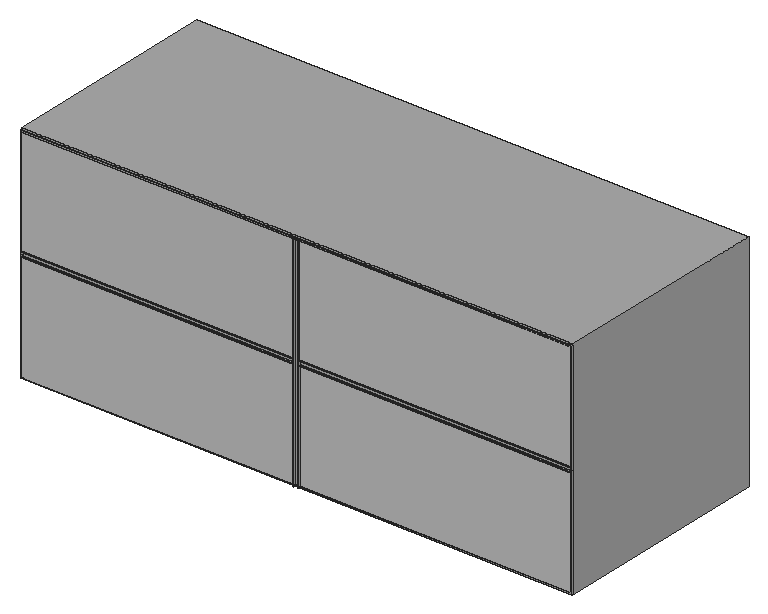
Revit family "vanity unit-hansgrohe-54198XXX-Xevolos E Vanity unit Slate Matt Grey 1370_550 with 4 drawers for consoles with 2 countertop basins ground", category Furniture, Revit 2019 (continued)
Types (6, lengths in mm): name | SURFACE | NB | Model | MIdent | LODLEVEL | LINA | IDNR | ARTNR | 54198770-SLATE_MATT_GREY-METALLIC_SLATE_GREY-400_RX0RY0RZ0TX0TY0TZ0_V | 54198770-SLATE_MATT_GREY-METALLIC_SLATE_GREY-200_RX0RY0RZ0TX0TY0TZ0_V | 54198730-SLATE_MATT_GREY-DARK_OAK-400_RX0RY0RZ0TX0TY0TZ0_V | 54198730-SLATE_MATT_GREY-DARK_OAK-200_RX0RY0RZ0TX0TY0TZ0_V | 54198390-SLATE_MATT_GREY-PATTEREND_BRONZE-400_RX0RY0RZ0TX0TY0TZ0_V | 54198390-SLATE_MATT_GREY-PATTEREND_BRONZE-200_RX0RY0RZ0TX0TY0TZ0_V
  54198390-SLATE_MATT_GREY-PATTEREND_BRONZE-400 | "PATTEREND_BRONZE" | "54198390-SLATE_MATT_GREY-PATTEREND_BRONZE-400" | "54198390-SLATE_MATT_GREY-PATTEREND_BRONZE-400" | "{$CADENAS_DATA/23d-libs/hansgrohe/xevolos_furniture/e_vanity_unit_4drawers_consoles_2countertop_basin/vanity_unit_4drawers_consoles_2countertopbasin.prj},303 {VTYP=3D},{NB=54198390-SLATE_MATT_GREY-PATTEREND_BRONZE-400},{LINA=54198390-SLATE_MATT_GREY-PATTEREND_BRONZE-400},{NN=Vanity unit with 4 drawers for consoles with 2 countertop basins ground},{DATE=13.03.2023 11:55:27},{GEOMDATE=12.03.2023 06:39:00},{VERSION=},{LINEID=70},{WBVAR=LODLEVEL},{WBNUMERIC=}  {NB=54198390-SLATE_MATT_GREY-PATTEREND_BRONZE-400},{LINA=54198390-SLATE_MATT_GREY-PATTEREND_BRONZE-400},{KT=DUMMY},{IDNR=7},{ARTNR=54198390},{BASENUMBER=54198},{MODEL=54198XXX},{OBERFLAECHE=SLATE_MATT_GREY},{SURFACE=PATTEREND_BRONZE},{L=1370},{LODLEVEL=400},{LODLEVELX='400','400','200','200'},{NAME=Xevolos E Vanity unit Slate Matt Grey 1370/550 with 4 drawers for consoles with 2 countertop basins ground},{PERMALINK=54198XXX},{OBJECTTYPE=Object (single object)},{BIMOBJECT=Sanitary: Compound units},{COLLECTIONSET=Xevolos E},{COLLECTION=vanity unit},{WEIGHT=85},{DESCRIPTION=Xevolos E Vanity unit Slate Matt Grey 1370/550 with 4 drawers for consoles with 2 countertop basins ground},{PRODUCTURL=https://pro.hansgrohe.com/articledetail--54198770},{GTINCODE=0},{TENDERURL=0},{IFC=Furnishing element},{ETIM=EC011381 | Bathroom furniture set},{UNICLASS2015=Pr_40_30_78_05 | Bathroom furniture},{OMNICLASS=23-21 19 15 33 13 | Residential Bathroom Specialty Casework},{MASTERFORMAT=12 35 30.23 | Bathroom Casework},{UNSPSC=56 | Furniture and Furnishings},{UNIFORMATII=E2010 | Fixed Furnishings},{REGION=Worldwide},{DESIGN=Germany},{MANUFACTURER=Germany}" | "400" | "54198390-SLATE_MATT_GREY-PATTEREND_BRONZE-400" | 7 | "54198390" | no | no | no | no | yes | no
  54198730-SLATE_MATT_GREY-DARK_OAK-200 | "DARK_OAK" | "54198730-SLATE_MATT_GREY-DARK_OAK-200" | "54198730-SLATE_MATT_GREY-DARK_OAK-200" | "{$CADENAS_DATA/23d-libs/hansgrohe/xevolos_furniture/e_vanity_unit_4drawers_consoles_2countertop_basin/vanity_unit_4drawers_consoles_2countertopbasin.prj},287 {VTYP=3D},{NB=54198730-SLATE_MATT_GREY-DARK_OAK-200},{LINA=54198730-SLATE_MATT_GREY-DARK_OAK-200},{NN=Vanity unit with 4 drawers for consoles with 2 countertop basins ground},{DATE=13.03.2023 11:55:27},{GEOMDATE=12.03.2023 06:39:00},{VERSION=},{LINEID=80},{WBVAR=LODLEVEL},{WBNUMERIC=}  {NB=54198730-SLATE_MATT_GREY-DARK_OAK-200},{LINA=54198730-SLATE_MATT_GREY-DARK_OAK-200},{KT=DUMMY},{IDNR=8},{ARTNR=54198730},{BASENUMBER=54198},{MODEL=54198XXX},{OBERFLAECHE=SLATE_MATT_GREY},{SURFACE=DARK_OAK},{L=1370},{LODLEVEL=200},{LODLEVELX='400','400','200','200'},{NAME=Xevolos E Vanity unit Slate Matt Grey 1370/550 with 4 drawers for consoles with 2 countertop basins ground},{PERMALINK=54198XXX},{OBJECTTYPE=Object (single object)},{BIMOBJECT=Sanitary: Compound units},{COLLECTIONSET=Xevolos E},{COLLECTION=vanity unit},{WEIGHT=85},{DESCRIPTION=Xevolos E Vanity unit Slate Matt Grey 1370/550 with 4 drawers for consoles with 2 countertop basins ground},{PRODUCTURL=https://pro.hansgrohe.com/articledetail--54198770},{GTINCODE=0},{TENDERURL=0},{IFC=Furnishing element},{ETIM=EC011381 | Bathroom furniture set},{UNICLASS2015=Pr_40_30_78_05 | Bathroom furniture},{OMNICLASS=23-21 19 15 33 13 | Residential Bathroom Specialty Casework},{MASTERFORMAT=12 35 30.23 | Bathroom Casework},{UNSPSC=56 | Furniture and Furnishings},{UNIFORMATII=E2010 | Fixed Furnishings},{REGION=Worldwide},{DESIGN=Germany},{MANUFACTURER=Germany}" | "200" | "54198730-SLATE_MATT_GREY-DARK_OAK-200" | 8 | "54198730" | no | no | no | yes | no | no
  54198730-SLATE_MATT_GREY-DARK_OAK-400 | "DARK_OAK" | "54198730-SLATE_MATT_GREY-DARK_OAK-400" | "54198730-SLATE_MATT_GREY-DARK_OAK-400" | "{$CADENAS_DATA/23d-libs/hansgrohe/xevolos_furniture/e_vanity_unit_4drawers_consoles_2countertop_basin/vanity_unit_4drawers_consoles_2countertopbasin.prj},287 {VTYP=3D},{NB=54198730-SLATE_MATT_GREY-DARK_OAK-400},{LINA=54198730-SLATE_MATT_GREY-DARK_OAK-400},{NN=Vanity unit with 4 drawers for consoles with 2 countertop basins ground},{DATE=13.03.2023 11:55:27},{GEOMDATE=12.03.2023 06:39:00},{VERSION=},{LINEID=80},{WBVAR=LODLEVEL},{WBNUMERIC=}  {NB=54198730-SLATE_MATT_GREY-DARK_OAK-400},{LINA=54198730-SLATE_MATT_GREY-DARK_OAK-400},{KT=DUMMY},{IDNR=8},{ARTNR=54198730},{BASENUMBER=54198},{MODEL=54198XXX},{OBERFLAECHE=SLATE_MATT_GREY},{SURFACE=DARK_OAK},{L=1370},{LODLEVEL=400},{LODLEVELX='400','400','200','200'},{NAME=Xevolos E Vanity unit Slate Matt Grey 1370/550 with 4 drawers for consoles with 2 countertop basins ground},{PERMALINK=54198XXX},{OBJECTTYPE=Object (single object)},{BIMOBJECT=Sanitary: Compound units},{COLLECTIONSET=Xevolos E},{COLLECTION=vanity unit},{WEIGHT=85},{DESCRIPTION=Xevolos E Vanity unit Slate Matt Grey 1370/550 with 4 drawers for consoles with 2 countertop basins ground},{PRODUCTURL=https://pro.hansgrohe.com/articledetail--54198770},{GTINCODE=0},{TENDERURL=0},{IFC=Furnishing element},{ETIM=EC011381 | Bathroom furniture set},{UNICLASS2015=Pr_40_30_78_05 | Bathroom furniture},{OMNICLASS=23-21 19 15 33 13 | Residential Bathroom Specialty Casework},{MASTERFORMAT=12 35 30.23 | Bathroom Casework},{UNSPSC=56 | Furniture and Furnishings},{UNIFORMATII=E2010 | Fixed Furnishings},{REGION=Worldwide},{DESIGN=Germany},{MANUFACTURER=Germany}" | "400" | "54198730-SLATE_MATT_GREY-DARK_OAK-400" | 8 | "54198730" | no | no | yes | no | no | no
  54198770-SLATE_MATT_GREY-METALLIC_SLATE_GREY-200 | "METALLIC_SLATE_GREY" | "54198770-SLATE_MATT_GREY-METALLIC_SLATE_GREY-200" | "54198770-SLATE_MATT_GREY-METALLIC_SLATE_GREY-200" | "{$CADENAS_DATA/23d-libs/hansgrohe/xevolos_furniture/e_vanity_unit_4drawers_consoles_2countertop_basin/vanity_unit_4drawers_consoles_2countertopbasin.prj},309 {VTYP=3D},{NB=54198770-SLATE_MATT_GREY-METALLIC_SLATE_GREY-200},{LINA=54198770-SLATE_MATT_GREY-METALLIC_SLATE_GREY-200},{NN=Vanity unit with 4 drawers for consoles with 2 countertop basins ground},{DATE=13.03.2023 11:55:27},{GEOMDATE=12.03.2023 06:39:00},{VERSION=},{LINEID=90},{WBVAR=LODLEVEL},{WBNUMERIC=}  {NB=54198770-SLATE_MATT_GREY-METALLIC_SLATE_GREY-200},{LINA=54198770-SLATE_MATT_GREY-METALLIC_SLATE_GREY-200},{KT=DUMMY},{IDNR=9},{ARTNR=54198770},{BASENUMBER=54198},{MODEL=54198XXX},{OBERFLAECHE=SLATE_MATT_GREY},{SURFACE=METALLIC_SLATE_GREY},{L=1370},{LODLEVEL=200},{LODLEVELX='400','400','200','200'},{NAME=Xevolos E Vanity unit Slate Matt Grey 1370/550 with 4 drawers for consoles with 2 countertop basins ground},{PERMALINK=54198XXX},{OBJECTTYPE=Object (single object)},{BIMOBJECT=Sanitary: Compound units},{COLLECTIONSET=Xevolos E},{COLLECTION=vanity unit},{WEIGHT=85},{DESCRIPTION=Xevolos E Vanity unit Slate Matt Grey 1370/550 with 4 drawers for consoles with 2 countertop basins ground},{PRODUCTURL=https://pro.hansgrohe.com/articledetail--54198770},{GTINCODE=0},{TENDERURL=0},{IFC=Furnishing element},{ETIM=EC011381 | Bathroom furniture set},{UNICLASS2015=Pr_40_30_78_05 | Bathroom furniture},{OMNICLASS=23-21 19 15 33 13 | Residential Bathroom Specialty Casework},{MASTERFORMAT=12 35 30.23 | Bathroom Casework},{UNSPSC=56 | Furniture and Furnishings},{UNIFORMATII=E2010 | Fixed Furnishings},{REGION=Worldwide},{DESIGN=Germany},{MANUFACTURER=Germany}" | "200" | "54198770-SLATE_MATT_GREY-METALLIC_SLATE_GREY-200" | 9 | "54198770" | no | yes | no | no | no | no
  54198770-SLATE_MATT_GREY-METALLIC_SLATE_GREY-400 | "METALLIC_SLATE_GREY" | "54198770-SLATE_MATT_GREY-METALLIC_SLATE_GREY-400" | "54198770-SLATE_MATT_GREY-METALLIC_SLATE_GREY-400" | "{$CADENAS_DATA/23d-libs/hansgrohe/xevolos_furniture/e_vanity_unit_4drawers_consoles_2countertop_basin/vanity_unit_4drawers_consoles_2countertopbasin.prj},309 {VTYP=3D},{NB=54198770-SLATE_MATT_GREY-METALLIC_SLATE_GREY-400},{LINA=54198770-SLATE_MATT_GREY-METALLIC_SLATE_GREY-400},{NN=Vanity unit with 4 drawers for consoles with 2 countertop basins ground},{DATE=13.03.2023 11:55:27},{GEOMDATE=12.03.2023 06:39:00},{VERSION=},{LINEID=90},{WBVAR=LODLEVEL},{WBNUMERIC=}  {NB=54198770-SLATE_MATT_GREY-METALLIC_SLATE_GREY-400},{LINA=54198770-SLATE_MATT_GREY-METALLIC_SLATE_GREY-400},{KT=DUMMY},{IDNR=9},{ARTNR=54198770},{BASENUMBER=54198},{MODEL=54198XXX},{OBERFLAECHE=SLATE_MATT_GREY},{SURFACE=METALLIC_SLATE_GREY},{L=1370},{LODLEVEL=400},{LODLEVELX='400','400','200','200'},{NAME=Xevolos E Vanity unit Slate Matt Grey 1370/550 with 4 drawers for consoles with 2 countertop basins ground},{PERMALINK=54198XXX},{OBJECTTYPE=Object (single object)},{BIMOBJECT=Sanitary: Compound units},{COLLECTIONSET=Xevolos E},{COLLECTION=vanity unit},{WEIGHT=85},{DESCRIPTION=Xevolos E Vanity unit Slate Matt Grey 1370/550 with 4 drawers for consoles with 2 countertop basins ground},{PRODUCTURL=https://pro.hansgrohe.com/articledetail--54198770},{GTINCODE=0},{TENDERURL=0},{IFC=Furnishing element},{ETIM=EC011381 | Bathroom furniture set},{UNICLASS2015=Pr_40_30_78_05 | Bathroom furniture},{OMNICLASS=23-21 19 15 33 13 | Residential Bathroom Specialty Casework},{MASTERFORMAT=12 35 30.23 | Bathroom Casework},{UNSPSC=56 | Furniture and Furnishings},{UNIFORMATII=E2010 | Fixed Furnishings},{REGION=Worldwide},{DESIGN=Germany},{MANUFACTURER=Germany}" | "400" | "54198770-SLATE_MATT_GREY-METALLIC_SLATE_GREY-400" | 9 | "54198770" | yes | no | no | no | no | no
